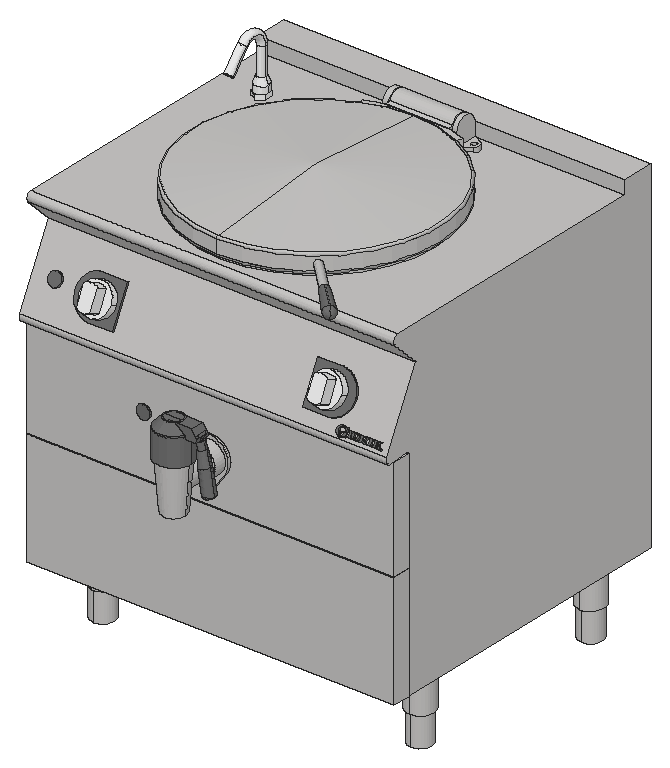
Revit family "QF_GIORIK_PEI705", category Specialty Equipment, Revit 2014
Parameters (values of type "PEI705")
  Weight in Pounds = 264.5544
  Watts = 8000 W
  Waste Water Discharge Temperature [instance] = 0 °C
  Volts = 400 V
  URL Cutsheet = "www.giorik.com"
  URL = "www.giorik.com"
  Status [instance] = ""
  Specification by User [instance] = ""
  Specification by Manufacturer = ""
  Show Logo [instance] = yes
  Show Clearance [instance] = yes
  Serial Number = ""
  Seismic Rating = ""
  SMACNA No = ""
  Revision Code [instance] = ""
  Plumbing Remarks [instance] = ""
  Plumbing Connection Type [instance] = ""
  Phase = 3
  Number of Poles [instance] = 3
  NAFEM Spec ID Number = ""
  Model = "PEI705"
  Min Ckt Ampacity = 0 A
  Max Overcurrent Protection = 0 A
  Masterspec = ""
  Manufacturer = "GIORIK"
  Item Number [instance] = ""
  Installed By [instance] = ""
  Indirect Waste Size = 3/4"
  Indirect Waste Flow = 0.0 L/s
  Indirect Waste Connection Type [instance] = ""
  Indirect Waste Connection Height [instance] = 150 mm
  Identify Quantity as Lot [instance] = no
  Hot Water Temperature = 0 °C
  Hot Water Size = 1/2"
  Hot Water RI Height [instance] = 0 mm
  Hot Water Minimum Pressure = 20000.0 Pa
  Hot Water Maximum Pressure = 50000.0 Pa
  Hot Water Flow = 0.0 L/s
  Hot Water Consumption = 0.0 L/s
  Hot Water Connection Height = 150 mm
  HP = "10.728160000000"
  Furnished By [instance] = ""
  Foodservice Equipment Identifier [instance] = yes
  FL Amps = 0 A
  Electrical Remarks [instance] = ""
  Electric Connection Type [instance] = ""
  Elec Conn RI Height [instance] = 0 mm
  Elec Conn Connection Height [instance] = 150 mm
  Description = "50 LITRE ELECTRIC BOILING PAN - INDIRECT HEATING VERSION."
  Cycle = 50 Hz
  Conn Plug = ""
  Conn Conduit [instance] = no
  Cold Water Temperature Recommended = 0 °C
  Cold Water Size = 1/2"
  Cold Water RI Height [instance] = 150 mm
  Cold Water Minimum Pressure = 20000.0 Pa
  Cold Water Maximum Pressure = 50000.0 Pa
  Cold Water Flow [instance] = 0.0 L/s
  Cold Water Consumption [instance] = ""
  Cold Water Connection Height [instance] = 150 mm
  CSI MasterFormat = ""
  Assembly Code = "E1090320"
  Apparent Power = 8000 VA
Reference planes
  plane 1 "Back": y = 0
  plane 2: z = 0
  plane 3 "Left": x = 0
  plane 4 "Right": x = 800
  plane 5 "Front": y = -720
  plane 6 "Top": z = 900
Forms (mm)
  Extrusion 1, solid
    sketch origin (816, 1025.81, 0) x (-1, 0, 0) y (0, -1, 0)
      loop
        line (25, 1086.81) -> (115, 1086.81) -> (115, 1156.81) -> (25, 1156.81) -> (25, 1086.81)
    from 148 to 150
  Extrusion 2, solid
    sketch origin (816, 560.81, 0) x (-1, 0, 0) y (0, -1, 0)
      loop
        line (25, 1086.81) -> (115, 1086.81) -> (115, 1156.81) -> (25, 1156.81) -> (25, 1086.81)
    from 148 to 150
  Revolve 3, solid
    sketch origin (746, 560.81, 0) x (0, 1, 0) y (0, 0, 1)
      loop
        line (-1092.56, 66) -> (-1092.56, 148) -> (-1121.81, 148) -> (-1121.81, 0) -> (-1096.81, 0) -> (-1096.81, 66) -> (-1092.56, 66)
      axis (-1121.81, 0) -> (-1121.81, 148)
    angle from 0 to 360
  Revolve 4, solid
    sketch origin (746, 1025.81, 0) x (0, 1, 0) y (0, 0, 1)
      loop
        line (-1092.56, 66) -> (-1092.56, 148) -> (-1121.81, 148) -> (-1121.81, 0) -> (-1096.81, 0) -> (-1096.81, 66) -> (-1092.56, 66)
      axis (-1121.81, 0) -> (-1121.81, 148)
    angle from 0 to 360
  Extrusion 5, solid
    sketch origin (124, 1025.81, 0) x (-1, 0, 0) y (0, -1, 0)
      loop
        line (25, 1086.81) -> (115, 1086.81) -> (115, 1156.81) -> (25, 1156.81) -> (25, 1086.81)
    from 148 to 150
  Extrusion 6, solid
    sketch origin (124, 560.81, 0) x (-1, 0, 0) y (0, -1, 0)
      loop
        line (25, 1086.81) -> (115, 1086.81) -> (115, 1156.81) -> (25, 1156.81) -> (25, 1086.81)
    from 148 to 150
  Revolve 7, solid
    sketch origin (54, 560.81, 0) x (0, 1, 0) y (0, 0, 1)
      loop
        line (-1092.56, 66) -> (-1092.56, 148) -> (-1121.81, 148) -> (-1121.81, 0) -> (-1096.81, 0) -> (-1096.81, 66) -> (-1092.56, 66)
      axis (-1121.81, 0) -> (-1121.81, 148)
    angle from 0 to 360
  Revolve 8, solid
    sketch origin (54, 1025.81, 0) x (0, 1, 0) y (0, 0, 1)
      loop
        line (-1092.56, 66) -> (-1092.56, 148) -> (-1121.81, 148) -> (-1121.81, 0) -> (-1096.81, 0) -> (-1096.81, 66) -> (-1092.56, 66)
      axis (-1121.81, 0) -> (-1121.81, 148)
    angle from 0 to 360
  Revolve 9, solid
    sketch origin (400, -935.878, 30.026) x (0, 1, 0) y (0, 0, 1)
      loop
        line (263, 839.987) -> (523.5, 839.987) -> (523.5, 911.488)
        arc (523.5, 911.488) -> (389.852, 905.568) -> (257.251, 887.853) r 1511.497
        arc (257.251, 887.853) -> (254.241, 886.302) -> (253.5, 882.997) r 4
        line (253.5, 882.997) -> (253.5, 853.492)
        arc (253.5, 853.492) -> (254.572, 849.465) -> (258.468, 847.987) r 4.564
        line (258.468, 847.987) -> (263, 847.987) -> (263, 839.987)
      axis (523.5, 911.488) -> (523.5, 839.987)
    angle from 0 to 360
  Extrusion 10, solid
    sketch origin (331, -1425.878, 20.026) x (0, 1, 0) y (0, 0, 1)
      loop
        line (1291, 862) -> (1321, 862)
        arc (1321, 862) -> (1341.196, 898.967) -> (1299.177, 895.988) r 24
        arc (1299.177, 895.988) -> (1295.549, 893.05) -> (1291, 892) r 10.377
        line (1291, 892) -> (1291, 862)
    from 0 to 138
  Extrusion 11, solid
    sketch origin (319, -1425.878, 20.026) x (0, 1, 0) y (0, 0, 1)
      loop
        line (1297, 850) -> (1345, 850) -> (1345, 886)
        arc (1345, 886) -> (1321, 910) -> (1297, 886) r 24
        line (1297, 886) -> (1297, 850)
    from 0 to 12
  Extrusion 12, solid
    sketch origin (0, -1425.878, 870.026) x (0, 1, 0) y (-1, 0, 0)
      loop
        line (1345, -319) -> (1330.367, -295.233)
        arc (1330.367, -295.233) -> (1321, -290) -> (1311.633, -295.233) r 11
        line (1311.633, -295.233) -> (1297, -319) -> (1345, -319)
      loop
        circle (1321, -301) r 5.5
    from 0 to 9
  Extrusion 13, solid
    sketch origin (800, -1425.878, 870.026) x (0, 1, 0) y (-1, 0, 0)
      loop
        line (1345, 319) -> (1297, 319) -> (1311.633, 295.233)
        arc (1311.633, 295.233) -> (1321, 290) -> (1330.367, 295.233) r 11
        line (1330.367, 295.233) -> (1345, 319)
      loop
        circle (1321, 301) r 5.5
    from 0 to 9
  Extrusion 14, solid
    sketch origin (469, -1425.878, 20.026) x (0, 1, 0) y (0, 0, 1)
      loop
        line (1297, 850) -> (1345, 850) -> (1345, 886)
        arc (1345, 886) -> (1321, 910) -> (1297, 886) r 24
        line (1297, 886) -> (1297, 850)
    from 0 to 12
  Extrusion 15, solid
    sketch origin (-20, -700, -21.499) x (1, 0, 0) y (0, 0, 1)
      loop
        arc (455.029, 495.06) -> (420, 563) -> (384.971, 495.06) r 43
        line (384.971, 495.06) -> (408.595, 461.88)
        arc (408.595, 461.88) -> (420, 456) -> (431.405, 461.88) r 14
        line (431.405, 461.88) -> (455.029, 495.06)
      loop
        circle (420, 470) r 5
    from 0 to 6
  Revolve 16, solid
    sketch origin (-20, -800, -21.499) x (1, 0, 0) y (0, 0, 1)
      loop
        line (420, 560) -> (420, 490) -> (440, 490) -> (440, 454) -> (445, 454) -> (454.5, 560) -> (420, 560)
      axis (420, 454) -> (420, 560)
    angle from 0 to 360
  Revolve 17, solid
    sketch origin (-20, -800, -21.499) x (1, 0, 0) y (0, 0, 1)
      loop
        line (420, 560) -> (459.015, 560) -> (459.015, 618.943)
        arc (459.015, 618.943) -> (458.824, 619.904) -> (458.279, 620.718) r 2.507
        line (458.279, 620.718) -> (440.712, 638.268)
        arc (440.712, 638.268) -> (439.901, 638.81) -> (438.944, 639) r 2.5
        line (438.944, 639) -> (420, 639) -> (420, 560)
      axis (420, 560) -> (420, 639)
    angle from 0 to 360
  Revolve 18, solid
    sketch origin (400, 100, -21.499) x (0, 1, 0) y (0, 0, 1)
      loop
        line (-900, 520) -> (-806, 520) -> (-806, 556) -> (-833.409, 556)
        arc (-833.409, 556) -> (-835.601, 555.494) -> (-837.349, 554.078) r 5
        line (-837.349, 554.078) -> (-839.034, 551.922)
        arc (-839.034, 551.922) -> (-840.782, 550.506) -> (-842.974, 550) r 5
        line (-842.974, 550) -> (-900, 550) -> (-900, 520)
      axis (-806, 520) -> (-900, 520)
    angle from 0 to 360
  Extrusion 19, solid
    sketch origin (0, 64.122, 882.026) x (0, 1, 0) y (-1, 0, 0)
      loop
        line (-213.194, -290.935) -> (-227.053, -296.675)
        arc (-227.053, -296.675) -> (-206.785, -400) -> (-227.053, -503.325) r 273.514
        line (-227.053, -503.325) -> (-213.194, -509.065)
        arc (-213.194, -509.065) -> (-204.722, -487.451) -> (-199, -464.952) r 186.513
        line (-199, -464.952) -> (-199, -335.048)
        arc (-199, -335.048) -> (-204.722, -312.549) -> (-213.194, -290.935) r 186.513
    from 0 to 30
  Extrusion 20, solid
    sketch origin (0, 1000, -19.915) x (0, 1, 0) y (0, 0, 1)
      loop
        line (-1000, 919.915) -> (-1070, 919.915) -> (-1070, 889.928) -> (-1688.806, 889.928)
        arc (-1688.806, 889.928) -> (-1698.967, 883.474) -> (-1697.445, 871.534) r 11.226
        line (-1697.445, 871.534) -> (-1640.876, 814.965) -> (-1718.948, 661.198)
        arc (-1718.948, 661.198) -> (-1718.233, 650.046) -> (-1708.118, 645.294) r 10.981
        line (-1708.118, 645.294) -> (-1660, 649.865) -> (-1660, 170) -> (-1000, 170) -> (-1000, 919.915)
    from 0 to 800
  Extrusion 21, solid
    sketch origin (820, -785, -21.499) x (-1, 0, 0) y (0, 0, -1)
      loop
        line (368, -639) -> (420, -639) -> (420, -614) -> (364, -614)
        arc (364, -614) -> (359.031, -616.301) -> (358, -621.679) r 6
        line (358, -621.679) -> (368, -639)
    from 0 to 30
  Revolve 22, solid
    sketch origin (820, -800, -21.499) x (-1, 0, 0) y (0, 0, -1)
      loop
        line (365.701, -595.491) -> (367.06, -595.251) -> (364.458, -563.216) -> (355.081, -510.037)
        arc (355.081, -510.037) -> (353.847, -508.1) -> (351.605, -507.603) r 3
        line (351.605, -507.603) -> (342.25, -509.253) -> (357.704, -596.901) -> (361.964, -621.057) -> (364.84, -620.55) -> (363.426, -612.529) -> (368.546, -611.626) -> (365.701, -595.491)
      axis (361.964, -621.057) -> (342.25, -509.253)
    angle from 0 to 360
  Extrusion 23, solid
    sketch origin (820, -790, -21.499) x (-1, 0, 0) y (0, 0, -1)
      loop
        arc (360.934, -626.761) -> (371.174, -617.461) -> (358, -621.679) r 7.078
        line (358, -621.679) -> (360.934, -626.761)
    from 0 to 20
  Extrusion 24, solid
    sketch origin (0, -687.576, 0) x (1, 0, 0) y (0, 0, 1)
      loop
        circle (254.679, 532.341) r 15
    from 12.424 to 14.424
  Extrusion 25, solid
    sketch origin (-6.328, -1011.709, 64.687) x (1, 0, 0) y (0, 0.452718, 0.891654)
      loop
        circle (55.091, 725.192) r 15
    from 0 to 2
  Extrusion 26, solid
    sketch origin (-202.569, -1014.126, 65.817) x (1, 0, 0) y (0, 0.45351, 0.891251)
      loop
        circle (351.331, 721.346) r 35
    from 0 to 15
  Extrusion 27, solid
    sketch origin (-202.569, -1014.126, 65.817) x (1, 0, 0) y (0, 0.45351, 0.891251)
      loop
        line (336.331, 743.846) -> (336.331, 698.846)
        arc (336.331, 698.846) -> (351.331, 693.846) -> (366.331, 698.846) r 25
        line (366.331, 698.846) -> (366.331, 743.846)
        arc (366.331, 743.846) -> (351.331, 748.846) -> (336.331, 743.846) r 25
    from 15 to 40
  Extrusion 28, solid
    sketch origin (-270.935, -968.775, 43.221) x (1, 0, 0) y (0, 0.452718, 0.891654)
      loop
        line (463.221, 676.25) -> (463.221, 766.25) -> (409.698, 766.25)
        arc (409.698, 766.25) -> (364.698, 721.25) -> (409.698, 676.25) r 45
        line (409.698, 676.25) -> (463.221, 676.25)
    from 48 to 50
  Extrusion 29, solid
    sketch origin (1002.569, -1014.126, 65.817) x (-1, 0, 0) y (0, -0.45351, -0.891251)
      loop
        circle (351.331, -721.346) r 35
    from 0 to 15
  Extrusion 30, solid
    sketch origin (1002.569, -1014.126, 65.817) x (-1, 0, 0) y (0, -0.45351, -0.891251)
      loop
        arc (336.331, -743.846) -> (351.331, -748.846) -> (366.331, -743.846) r 25
        line (366.331, -743.846) -> (366.331, -698.846)
        arc (366.331, -698.846) -> (351.331, -693.846) -> (336.331, -698.846) r 25
        line (336.331, -698.846) -> (336.331, -743.846)
    from 15 to 40
  Extrusion 31, solid
    sketch origin (1070.935, -968.775, 43.221) x (-1, 0, 0) y (0, -0.452718, -0.891654)
      loop
        line (463.221, -676.25) -> (409.698, -676.25)
        arc (409.698, -676.25) -> (364.698, -721.25) -> (409.698, -766.25) r 45
        line (409.698, -766.25) -> (463.221, -766.25) -> (463.221, -676.25)
    from 48 to 50
  Extrusion 32, solid, visible <- "Show Logo"
    sketch origin (591.604, -736.761, 608.568) x (-1, 0, 0) y (0, 0.452718, 0.891654)
      loop
        line (-118.824, 58.358) -> (-127.804, 58.358) -> (-125.523, 56.445) -> (-125.523, 48.027) -> (-127.804, 46.113) -> (-118.824, 46.113) -> (-121.105, 48.027) -> (-121.105, 56.445) -> (-118.824, 58.358)
      loop
        line (-163.721, 58.358) -> (-172.7, 58.358) -> (-170.42, 56.445) -> (-170.42, 48.027) -> (-172.7, 46.113) -> (-163.721, 46.113) -> (-166.001, 48.027) -> (-166.001, 56.445) -> (-163.721, 58.358)
      loop
        line (-174.332, 58.358) -> (-183.312, 58.358) -> (-181.031, 56.445) -> (-181.031, 52.435) -> (-186.419, 56.955) -> (-184.416, 58.358) -> (-191.268, 58.358) -> (-188.01, 56.839) -> (-185.455, 54.283) -> (-190.846, 47.858) -> (-193.396, 46.93) -> (-193.396, 46.113) -> (-184.416, 46.113) -> (-185.437, 47.571) -> (-182.443, 51.552) -> (-181.031, 50.894) -> (-181.031, 48.027) -> (-183.312, 46.113) -> (-174.332, 46.113) -> (-176.613, 48.027) -> (-176.613, 56.445) -> (-174.332, 58.358)
      loop
        line (-115.429, 62.063) -> (-115.429, 54.198)
        arc (-115.429, 54.198) -> (-111.618, 57.803) -> (-106.847, 59.986) r 16.039
        arc (-106.847, 59.986) -> (-103.314, 59.837) -> (-100.512, 57.68) r 5.851
        arc (-100.512, 57.68) -> (-98.815, 52.267) -> (-100.512, 46.853) r 9.479
        arc (-100.512, 46.853) -> (-102.406, 44.986) -> (-104.846, 43.93) r 7.236
        arc (-104.846, 43.93) -> (-107.728, 44.111) -> (-110.052, 45.825) r 5.11
        line (-110.052, 45.825) -> (-110.052, 52.001) -> (-116.141, 52.001) -> (-116.141, 45.503) -> (-117.893, 43.751) -> (-114.094, 44.769)
        arc (-114.094, 44.769) -> (-112.56, 44.947) -> (-111.129, 44.366) r 3.115
        arc (-111.129, 44.366) -> (-104.216, 42.091) -> (-97.303, 44.366) r 11.641
        arc (-97.303, 44.366) -> (-93.396, 52.107) -> (-97.303, 59.849) r 9.622
        arc (-97.303, 59.849) -> (-104.369, 62.174) -> (-111.435, 59.849) r 11.898
        line (-111.435, 59.849) -> (-115.429, 62.063)
      loop
        arc (-129.234, 56.068) -> (-135.893, 58.628) -> (-142.552, 56.068) r 9.941
        arc (-142.552, 56.068) -> (-144.234, 52.286) -> (-142.552, 48.505) r 5.093
        arc (-142.552, 48.505) -> (-135.893, 45.945) -> (-129.234, 48.505) r 9.941
        arc (-129.234, 48.505) -> (-127.552, 52.286) -> (-129.234, 56.068) r 5.093
      loop
        arc (-132.628, 54.403) -> (-135.893, 57.668) -> (-139.158, 54.403) r 3.265
        line (-139.158, 54.403) -> (-139.158, 50.169)
        arc (-139.158, 50.169) -> (-135.893, 46.904) -> (-132.628, 50.169) r 3.265
        line (-132.628, 50.169) -> (-132.628, 54.403)
      loop
        arc (-156.363, 58.365) -> (-159.647, 55.081) -> (-156.363, 51.796) r 3.285
        line (-156.363, 51.796) -> (-159.529, 47.306) -> (-162.087, 46.113) -> (-155.847, 46.113) -> (-153.529, 51.083) -> (-150.637, 51.083) -> (-150.637, 47.784) -> (-153.022, 46.113) -> (-144.011, 46.113) -> (-146.094, 47.68) -> (-146.094, 56.493) -> (-144.229, 58.365) -> (-156.363, 58.365)
      loop
        line (-150.637, 57.512) -> (-153.637, 57.512)
        arc (-153.637, 57.512) -> (-156.237, 54.912) -> (-153.637, 52.312) r 2.6
        line (-153.637, 52.312) -> (-150.637, 52.312) -> (-150.637, 57.512)
      loop
        line (-108.924, 52.001) -> (-104.936, 49.005) -> (-100.948, 52.001) -> (-108.924, 52.001)
    from 1.5 to -0.5
  Revolve 33, solid
    sketch origin (735, -185.878, -14.987) x (-1, 0, 0) y (0, 0, -1)
      loop
        line (635, -895) -> (635, -925) -> (645, -925) -> (650, -910) -> (650, -895) -> (635, -895)
      axis (635, -925) -> (635, -895)
    angle from 0 to 360
  Sweep 34, solid
    path origin (100, 51.122, -14.987) x (0, 1, 0) y (0, 0, -1)
      loop
        line (-237, -925) -> (-237, -986.382)
        arc (-237, -986.382) -> (-256.494, -1014.482) -> (-289.641, -1006.064) r 30
        line (-289.641, -1006.064) -> (-326.852, -963.258)
    profile origin (100, -185.878, 940.704) x (0, 1, 0) y (-1, 0, 0)
      loop
        circle (0, 0) r 9
  Extrusion 35, solid
    sketch origin (1534.526, 359.652, 885.013) x (0.975272, 0.221007, 0) y (-0.221007, 0.975272, 0)
      loop
        line (-1502.427, -209.668) -> (-1515.641, -197.445) -> (-1532.833, -202.777) -> (-1536.811, -220.332) -> (-1523.598, -232.555) -> (-1506.406, -227.223) -> (-1502.427, -209.668)
    from -15 to -5
  Extrusion 36, solid
    sketch origin (0, 0, 0) x (0, 1, 0) y (0, 0, 1)
      loop
        line (-660, 624.427) -> (-700, 624.427) -> (-700, 401.427) -> (-660, 401.427) -> (-660, 624.427)
    from 0 to 800
  Extrusion 37, solid
    sketch origin (0, 0, -240) x (0, 1, 0) y (0, 0, 1)
      loop
        line (-660, 640) -> (-700, 640) -> (-700, 390) -> (-660, 390) -> (-660, 640)
    from 0 to 800
  Extrusion 38, solid
    sketch origin (130, -200, 100.085) x (0, 1, 0) y (-1, 0, 0)
      loop
        circle (0, 0) r 6.5
    from 30 to 50
  Extrusion 39, solid
    sketch origin (50, -318.442, 100.085) x (0, 1, 0) y (-1, 0, 0)
      loop
        circle (-160, 0) r 12.5
    from 30 to 50
  Extrusion 40, solid
    sketch origin (104, -157, 100.085) x (0, 1, 0) y (-1, 0, 0)
      loop
        circle (-70, 0) r 6.5
    from 30 to 50
  Extrusion 41, solid, visible <- "Show Clearance", detail levels coarse
    sketch origin (130, 0, 70.974) x (0, 1, 0) y (0, 0, 1)
      loop
        arc (-80.878, 1446.904) -> (-506.111, 1271.7) -> (-682.378, 846.906) r 600
        line (-682.378, 846.906) -> (-80.878, 846.906) -> (-80.878, 1446.904)
    from 0 to 540
  Extrusion 42, solid
    sketch origin (170, -585, 900) x (0, 1, 0) y (-1, 0, 0)
      loop
        circle (0, 0) r 12.4
    from -750 to -769.915
  Revolve 43, solid
    sketch origin (160.983, -209.817, -52.38) x (-0.707107, 0.707107, 0) y (0, 0, -1)
      loop
        line (-671.931, -950.485) -> (-763.471, -950.485)
        arc (-763.471, -950.485) -> (-759.812, -959.317) -> (-750.98, -962.976) r 12.491
        line (-750.98, -962.976) -> (-671.931, -960.125) -> (-671.931, -950.485)
      axis (-671.931, -950.485) -> (-763.471, -950.485)
    angle from 0 to 360
  Extrusion 44, solid
    sketch origin (1359.702, -277.165, -52.38) x (-0.707107, -0.707107, 0) y (0, 0, -1)
      loop
        circle (800, -950.485) r 7.5
    from -223.314 to -315.051
Lines and regions (mm)
  symbolic lines, style "200-EquipBorder-2D"
    curve 1: line (0, -720, 0) -> (800, -720, 0)
    curve 2: line (800, -720, 0) -> (800, 0, 0)
    curve 3: line (800, 0, 0) -> (0, 0, 0)
    curve 4: line (0, 0, 0) -> (0, -720, 0)
    curve 40: arc (436.017, -785, 900) -> (360.985, -800, 900) -> (436.017, -815, 900) r 39.015
    curve 41: line (400, -815, 900) -> (462.241, -815, 900)
    curve 42: line (400, -785, 900) -> (400, -815, 900)
    curve 43: line (462.241, -785, 900) -> (400, -785, 900)
    curve 44: line (462.241, -785, 900) -> (462.241, -815, 900)
    curve 45: line (430.006, -775.063, 900) -> (430.006, -743.838, 900)
    curve 46: line (435.935, -733.569, 900) -> (435.935, -720, 900)
    curve 47: line (369.994, -775.063, 900) -> (369.994, -743.838, 900)
    curve 48: line (364.008, -733.469, 900) -> (364.008, -720, 900)
    curve 49: arc (369.994, -743.838, 900) -> (369.061, -740.356, 900) -> (366.512, -737.806, 900) r 6.965
    curve 50: arc (366.512, -737.806, 900) -> (364.679, -735.973, 900) -> (364.008, -733.469, 900) r 5.008
    curve 51: arc (430.006, -743.838, 900) -> (430.791, -740.279, 900) -> (433.481, -737.819, 900) r 6.041
    curve 52: arc (433.481, -737.819, 900) -> (435.38, -736.082, 900) -> (435.935, -733.569, 900) r 4.265
    curve 53: line (477.501, -787.499, 900) -> (467.858, -787.499, 900)
    curve 54: line (467.858, -812.499, 900) -> (477.501, -812.499, 900)
    curve 55: arc (477.501, -812.499, 900) -> (490.001, -799.999, 900) -> (477.501, -787.499, 900) r 12.5
    curve 56: arc (467.858, -787.499, 900) -> (464.972, -787.837, 900) -> (462.241, -788.832, 900) r 12.5
    curve 57: arc (462.241, -811.166, 900) -> (464.972, -812.162, 900) -> (467.858, -812.499, 900) r 12.5
    curve 73: line (163.763, -732.843, 900) -> (163.763, -720, 900)
    curve 74: arc (163.763, -732.843, 900) -> (148.758, -735.182, 900) -> (133.763, -732.783, 900) r 48.682
    curve 75: line (133.763, -732.783, 900) -> (133.763, -720, 900)
    curve 76: arc (636.237, -732.843, 900) -> (651.241, -735.173, 900) -> (666.237, -732.801, 900) r 49.042
    curve 77: line (636.237, -732.843, 900) -> (636.237, -720, 900)
    curve 84: line (666.237, -732.801, 900) -> (666.237, -731.467, 900)
  symbolic lines, style "200-EquipInternal-2D"
    curve 5: line (171.031, -35, 900) -> (629, -35, 900)
    curve 6: line (629, -32, 900) -> (171.031, -32, 900)
    curve 7: line (168, -25, 900) -> (632, -25, 900)
    curve 8: line (632, -22, 900) -> (168, -22, 900)
    curve 9: line (165, -15, 900) -> (635, -15, 900)
    curve 10: line (635, -12, 900) -> (165, -12, 900)
    curve 11: line (168, -22, 900) -> (168, -25, 900)
    curve 12: line (171.031, -32, 900) -> (171.031, -35, 900)
    curve 13: line (165, -12, 900) -> (165, -15, 900)
    curve 14: line (635, -15, 900) -> (635, -12, 900)
    curve 15: line (632, -25, 900) -> (632, -22, 900)
    curve 16: line (629, -35, 900) -> (629, -32, 900)
    curve 17: line (0, -70, 900) -> (800, -70, 900)
    curve 18: arc (400, -682.378, 900) -> (130, -412.378, 900) -> (400, -142.378, 900) r 270
    curve 19: arc (400, -146.129, 900) -> (133.751, -412.378, 900) -> (400, -678.627, 900) r 266.249
    curve 20: arc (400, -678.627, 900) -> (666.249, -412.378, 900) -> (400, -146.129, 900) r 266.249
    curve 21: arc (400, -142.378, 900) -> (670, -412.378, 900) -> (400, -682.378, 900) r 270
    curve 22: line (290.935, -149.072, 900) -> (296.675, -162.931, 900)
    curve 23: arc (335.048, -134.878, 900) -> (312.549, -140.6, 900) -> (290.935, -149.072, 900) r 186.513
    curve 24: line (295.233, -114.245, 900) -> (319, -128.878, 900)
    curve 25: arc (295.233, -95.511, 900) -> (290, -104.878, 900) -> (295.233, -114.245, 900) r 11
    curve 26: line (319, -80.878, 900) -> (295.233, -95.511, 900)
    curve 27: arc (301, -99.378, 900) -> (306.5, -104.878, 900) -> (301, -110.378, 900) r 5.5
    curve 28: arc (301, -110.378, 900) -> (295.5, -104.878, 900) -> (301, -99.378, 900) r 5.5
    curve 29: line (481, -80.878, 900) -> (319, -80.878, 900)
    curve 30: line (319, -128.878, 900) -> (331, -128.878, 900)
    curve 31: line (469, -134.878, 900) -> (331, -134.878, 900)
    curve 32: line (469, -128.878, 900) -> (481, -128.878, 900)
    curve 33: line (481, -128.878, 900) -> (504.767, -114.245, 900)
    curve 34: arc (499, -110.378, 900) -> (493.5, -104.878, 900) -> (499, -99.378, 900) r 5.5
    curve 35: arc (499, -99.378, 900) -> (504.5, -104.878, 900) -> (499, -110.378, 900) r 5.5
    curve 36: arc (504.767, -114.245, 900) -> (510, -104.878, 900) -> (504.767, -95.511, 900) r 11
    curve 37: line (504.767, -95.511, 900) -> (481, -80.878, 900)
    curve 38: line (469, -134.878, 900) -> (469, -128.878, 900)
    curve 39: line (331, -134.878, 900) -> (331, -128.878, 900)
    curve 58: line (84.412, -176.878, 900) -> (84.412, -194.878, 900)
    curve 59: line (100, -167.878, 900) -> (84.412, -176.878, 900)
    curve 60: line (115.588, -176.878, 900) -> (100, -167.878, 900)
    curve 61: line (115.588, -194.878, 900) -> (115.588, -176.878, 900)
    curve 62: arc (91, -185.878, 900) -> (100, -176.878, 900) -> (109, -185.878, 900) r 9
    curve 63: spline (109, -275.73, 900) -> (108.693, -277.488, 900) -> (107.794, -279.126, 900) -> (106.364, -280.533, 900) -> (104.5, -281.612, 900) -> (102.329, -282.291, 900) -> (100, -282.522, 900) -> (97.671, -282.291, 900) -> (95.5, -281.612, 900) -> (93.636, -280.533, 900) -> (92.206, -279.126, 900) -> (91.307, -277.488, 900) -> (91, -275.73, 900)
    curve 64: line (109, -185.878, 900) -> (109, -275.73, 900)
    curve 65: line (91, -275.73, 900) -> (91, -185.878, 900)
    curve 66: line (84.412, -194.878, 900) -> (91, -198.682, 900)
    curve 67: line (109, -198.682, 900) -> (115.588, -194.878, 900)
    curve 68: arc (509.065, -149.072, 900) -> (487.451, -140.6, 900) -> (464.952, -134.878, 900) r 186.513
    curve 69: line (503.325, -162.931, 900) -> (509.065, -149.072, 900)
    curve 70: arc (115, -185.878, 900) -> (113.416, -192.586, 900) -> (109, -197.878, 900) r 15
    curve 71: arc (85, -185.878, 900) -> (100, -170.878, 900) -> (115, -185.878, 900) r 15
    curve 72: arc (91, -197.878, 900) -> (86.584, -192.586, 900) -> (85, -185.878, 900) r 15
    curve 78: line (642.926, -678.127, 900) -> (629.294, -691.759, 900)
    curve 79: line (629.294, -691.759, 900) -> (683.174, -749.672, 900)
    curve 80: line (642.926, -678.127, 900) -> (700.839, -732.008, 900)
    curve 81: arc (700.839, -732.008, 900) -> (700.831, -749.665, 900) -> (683.174, -749.672, 900) r 12.491
    curve 82: line (641.413, -679.64, 900) -> (576.546, -614.773, 900)
    curve 83: line (630.807, -690.247, 900) -> (565.939, -625.379, 900)
Dimensions and locks
  plane 3 "Left" to plane 4 "Right" = 800 mm
  plane 5 "Front" to plane 1 "Back" = 720 mm
  plane 4 "Right" to plane 3 "Left" = 800 mm
  plane 1 "Back" to plane 5 "Front" = 720 mm
  plane 6 "Top" to level = 900 mm  (x2)
  aligned and locked: level to plane 2
Connectors
  piping at (130, -200, 130.085), diameter 12.7, driven by "Hot Water Size", driven by "Hot Water Flow"
    settings: on Extrusion 38, index 1, connector inside diameter 24", connector length 0 mm, flow factor 0, pipe flow 0.0 L/s, pressure drop 0.0 Pa, fitting loss kfactor 0, connector angle 0.00°, fixture units 0, engagement length 0 mm, angle of deflection 0.00°, flow configuration 1, flow direction 1, fitting loss method 0, system type 19, joint type 0, gender type 0, connector reference index -1, connector utility 0, adjustable connector no, is connector primary yes, connector description "Hot Water Inlet"
  piping at (104, -227, 130.085), diameter 12.7, driven by "Cold Water Size", driven by "Cold Water Flow"
    settings: on Extrusion 40, index 2, connector inside diameter 24", connector length 0 mm, flow factor 0, pipe flow 0.0 L/s, pressure drop 0.0 Pa, fitting loss kfactor 0, connector angle 0.00°, fixture units 0, engagement length 0 mm, angle of deflection 0.00°, flow configuration 1, flow direction 1, fitting loss method 0, system type 20, joint type 0, gender type 0, connector reference index -1, connector utility 0, adjustable connector no, is connector primary no, connector description "Cold Water Inlet"
  piping at (170, -585, 130.085), diameter 19.05, driven by "Indirect Waste Size", driven by "Indirect Waste Flow"
    settings: on Extrusion 42, index 4, connector inside diameter 24", connector length 0 mm, flow factor 0, pipe flow 0.0 L/s, pressure drop 0.0 Pa, fitting loss kfactor 0, connector angle 0.00°, fixture units 0, engagement length 0 mm, angle of deflection 0.00°, flow configuration 1, flow direction 2, fitting loss method 0, system type 16, joint type 0, gender type 0, connector reference index -1, connector utility 0, adjustable connector no, is connector primary no, connector description "Drain connection"
  electrical at (50, -478.442, 130.085), driven by "Apparent Power", driven by "Volts", driven by "Number of Poles"
    settings: on Extrusion 39, index 5, voltage 400 V, apparent load 0 VA, apparent load phase1 8000 VA, apparent load phase2 0 VA, apparent load phase3 0 VA, power factor 1, load classification "Other", number of poles 3, system type 31, power factor state 1, is connector primary yes, connector utility no, sub classification motor no, connector description "Electrical connection"
